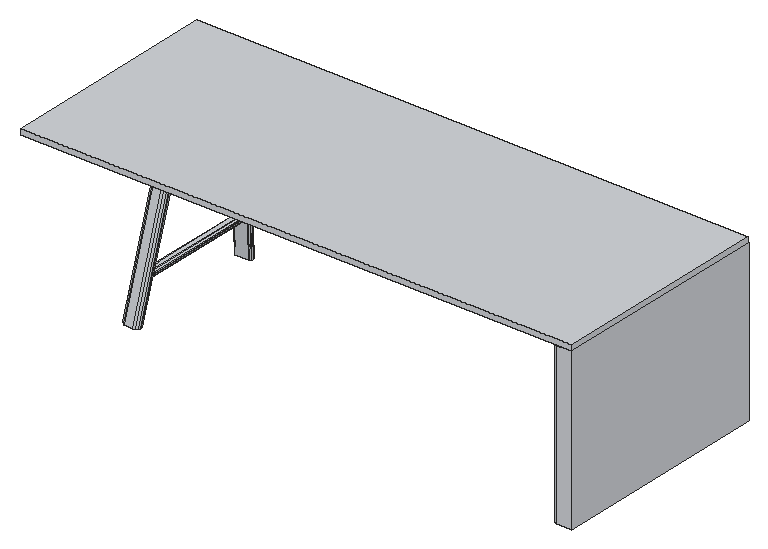
Revit family "Bernhardt_Design-Tables-Freestanding-Frame-Block_36h-Blueprint", category Furniture, Revit 2016
Family settings
  OmniClass Number = 23.40.20.00
  OmniClass Title = General Furniture and Specialties
  Work Plane-Based = No
  Always vertical = Yes
  Cut with Voids When Loaded = No
  Shared = No
  Room Calculation Point = No
Parameters (values of type "BPS-BOC-AC")
  Wood = none
  URL = "http://www.bernhardtdesign.com"
  TotalWidth = 120"
  TotalDepth = 48"
  TableWidth_right = TotalWidth / 2 - 8 3/4"  # 51 1/4"
  TableWidth_left = TotalWidth / 2 + 8 3/4"  # 68 3/4"
  TableTopHeight = TotalHeight - 1 1/4"  # 34 3/4"
  TotalHeight = 36"
  TableTop = none
  TableDepth = TotalDepth / 2  # 24"
  SKU = "BPS-BOC-AC"
  RailCapFront = RailCap + 2"  # 2"
  RailCap = 0"
  Model = "Blueprint"  # constant formula
  Manufacturer = "Bernhardt Design"  # constant formula
  Railing_bottom = -Railing_top  # -45 1/4"
  Railing_top = CapDistance_left - 2"  # 45 1/4"
  LegDistance = 20"
  LegHeight = TableTopHeight  # 34 3/4"
  Copyright © = "Copyright © Bernhardt Design"  # constant formula
  Catalog = SKU  # "BPS-BOC-AC"
  CapDistance_right = TableWidth_right - 4"  # 47 1/4"
  CapDistance_left = 47 1/4"
  Blueprint Gray = Blueprint Gray
  BlackPaint = Black Paint
  Authoring Version = "Autodesk Revit 2016"  # constant formula
Types (10): name | TotalWidth | TotalDepth | TableWidth_right | TableWidth_left | TableDepth | SKU | Railing_bottom | Railing_top | Catalog | CapDistance_right | CapDistance_left
  (no name) | 120" | 48" | 51 1/4" | 68 3/4" | 24" | "BPS-BOC-AC" | -45 1/4" | 45 1/4" | "BPS-BOC-AC" | 47 1/4" | 47 1/4"
  BPS-BGC-AC | 72" | 48" | 27 1/4" | 44 3/4" | 24" | "BPS-BGC-AC" | -31 1/4" | 31 1/4" | "BPS-BGC-AC" | 23 1/4" | 33 1/4"
  BPS-BGA-AC | 72" | 36" | 27 1/4" | 44 3/4" | 18" | "BPS-BGA-AC" | -31 1/4" | 31 1/4" | "BPS-BGA-AC" | 23 1/4" | 33 1/4"
  BPS-BKC-AC | 96" | 48" | 39 1/4" | 56 3/4" | 24" | "BPS-BKC-AC" | -33 1/4" | 33 1/4" | "BPS-BKC-AC" | 35 1/4" | 35 1/4"
  BPS-BOC-AC | 120" | 48" | 51 1/4" | 68 3/4" | 24" | "BPS-BOC-AC" | -45 1/4" | 45 1/4" | "BPS-BOC-AC" | 47 1/4" | 47 1/4"
  BPS-BKA-AC | 96" | 36" | 39 1/4" | 56 3/4" | 18" | "BPS-BKA-AC" | -33 1/4" | 33 1/4" | "BPS-BKA-AC" | 35 1/4" | 35 1/4"
  BPS-BGB-AC | 72" | 42" | 27 1/4" | 44 3/4" | 21" | "BPS-BGB-AC" | -31 1/4" | 31 1/4" | "BPS-BGB-AC" | 23 1/4" | 33 1/4"
  BPS-BKB-AC | 96" | 42" | 39 1/4" | 56 3/4" | 21" | "BPS-BKB-AC" | -33 1/4" | 33 1/4" | "BPS-BKB-AC" | 35 1/4" | 35 1/4"
  BPS-BOA-AC | 120" | 36" | 51 1/4" | 68 3/4" | 18" | "BPS-BOA-AC" | -45 1/4" | 45 1/4" | "BPS-BOA-AC" | 47 1/4" | 47 1/4"
  BPS-BOB-AC | 120" | 42" | 51 1/4" | 68 3/4" | 21" | "BPS-BOB-AC" | -45 1/4" | 45 1/4" | "BPS-BOB-AC" | 47 1/4" | 47 1/4"
Reference planes (in)
  plane 1 "Center Front/Back": y = 0
  plane 2: z = 0
  plane 3 "Center Left/Right": x = 0
  plane 4 "railTop_plane": z = 33.8248
  plane 5 "TableTop_plane": z = 36
  plane 6 "tableBottom_plane": z = 34.75
  plane 7 "railBottom_plane": z = 31.79724
  plane 8 "Crossbar_top_plane": y = 12.06057
  plane 9 "Crossbar_bottom_plane": y = -12.16143
  plane 10 "width_left_plane": x = -68.75
  plane 11 "width_right_plane": x = 51.25
  plane 12 "depth_top_plane": y = 24
  plane 13 "depth_bottom_plane": y = -24
  plane 14 "RailEnd_right_plane": x = 47.25
  plane 15 "RailEnd_left_plane": x = -47.25
  plane 16 "EndCap_left_plane": x = -48.99269
Forms (in)
  Extrusion 1, solid, material <- "TableTop"
    sketch origin (0, 0, 0) x (1, 0, 0) y (0, 1, 0)
      loop
        line (-68.75, 24) -> (-68.75, -24) -> (51.25, -24) -> (51.25, 24) -> (-68.75, 24)
    from 36 <- "TotalHeight" to 34.75 <- "TableTopHeight"
  Extrusion 2, solid, material "Blueprint Gray" <- "Blueprint Gray"
    sketch origin (0, -6.68362, 17.41142) x (0, -1, 0) y (0, 0, 1)
      loop
        arc (-0.89738, 16.41338) -> (-0.95224, 16.39066) -> (-0.97496, 16.3358) r 0.07758
        line (-0.97496, 16.3358) -> (-0.97496, 14.46243)
        arc (-0.97496, 14.46243) -> (-0.95253, 14.40826) -> (-0.89836, 14.38583) r 0.0766
        line (-0.89836, 14.38583) -> (0.74076, 14.38583)
        arc (0.74076, 14.38583) -> (0.79557, 14.40853) -> (0.81827, 14.46334) r 0.07751
        line (0.81827, 14.46334) -> (0.81827, 16.334)
        arc (0.81827, 16.334) -> (0.79502, 16.39013) -> (0.73889, 16.41338) r 0.07938
        line (0.73889, 16.41338) -> (-0.89738, 16.41338)
      loop
        arc (-14.10793, 16.41338) -> (-14.16279, 16.39066) -> (-14.18551, 16.3358) r 0.07758
        line (-14.18551, 16.3358) -> (-14.18551, 14.46243)
        arc (-14.18551, 14.46243) -> (-14.16307, 14.40826) -> (-14.10891, 14.38583) r 0.0766
        line (-14.10891, 14.38583) -> (-12.46979, 14.38583)
        arc (-12.46979, 14.38583) -> (-12.41498, 14.40853) -> (-12.39228, 14.46334) r 0.07751
        line (-12.39228, 14.46334) -> (-12.39228, 16.334)
        arc (-12.39228, 16.334) -> (-12.41553, 16.39013) -> (-12.47166, 16.41338) r 0.07938
        line (-12.47166, 16.41338) -> (-14.10793, 16.41338)
    from -47.25 to 47.25
  Extrusion 3, solid, material "Blueprint Gray" <- "Blueprint Gray"
    sketch origin (47.25, 0, 0) x (0, 0, -1) y (0, -1, 0)
      loop
        line (-34.75, -7.53436) -> (-31.7432, -7.53436) -> (-31.7432, -5.65936) -> (-34.75, -5.65936) -> (-34.75, -7.53436)
      loop
        line (-34.75, 5.66998) -> (-31.7432, 5.66998) -> (-31.7432, 7.53436) -> (-34.75, 7.53436) -> (-34.75, 5.66998)
    from 0 <- "RailCap" to 2 <- "RailCapFront"
  Extrusion 4, solid, material "Blueprint Gray" <- "Blueprint Gray"
    sketch origin (-47.25, 0, 0) x (0, 0, 1) y (0, -1, 0)
      loop
        line (34.75, -7.53436) -> (34.75, -5.65936) -> (31.7432, -5.65936) -> (31.7432, -7.53436) -> (34.75, -7.53436)
      loop
        line (34.75, 5.66998) -> (34.75, 7.53436) -> (31.7432, 7.53436) -> (31.7432, 5.66998) -> (34.75, 5.66998)
    from 0 <- "RailCap" to 2 <- "RailCapFront"
  Extrusion 5, solid, material <- "Wood"
    sketch origin (0, 0, 0) x (1, 0, 0) y (0, 0, 1)
      loop
        line (-47.25, 34.75) -> (-48.49488, 34.75) -> (-48.97006, 30.22889) -> (-47.25, 30.22889) -> (-47.25, 34.75)
    from -9.99793 to 10.02657
  Extrusion 6, solid, material <- "Wood"
    sketch origin (-34.43981, -12.16143, 0) x (1, 0, 0) y (0, 0, 1)
      loop
        line (-15.05423, 10) -> (-16.03583, 10)
        arc (-16.03583, 10) -> (-16.13195, 9.97957) -> (-16.21145, 9.92181) r 0.23632
        line (-16.21145, 9.92181) -> (-16.48556, 9.60649)
        arc (-16.48556, 9.60649) -> (-16.521, 9.54977) -> (-16.53718, 9.48488) r 0.21376
        line (-16.53718, 9.48488) -> (-16.53718, 9.40601)
        arc (-16.53718, 9.40601) -> (-16.53498, 9.36995) -> (-16.52839, 9.33443) r 0.29589
        line (-16.52839, 9.33443) -> (-16.22713, 8.76783)
        arc (-16.22713, 8.76783) -> (-16.12603, 8.6613) -> (-15.9845, 8.62205) r 0.27478
        line (-15.9845, 8.62205) -> (-15.10556, 8.62205)
        arc (-15.10556, 8.62205) -> (-14.96403, 8.6613) -> (-14.86294, 8.76783) r 0.27478
        line (-14.86294, 8.76783) -> (-14.56167, 9.33443)
        arc (-14.56167, 9.33443) -> (-14.55508, 9.36995) -> (-14.55288, 9.40601) r 0.29589
        line (-14.55288, 9.40601) -> (-14.55288, 9.48488)
        arc (-14.55288, 9.48488) -> (-14.56906, 9.54977) -> (-14.6045, 9.60649) r 0.21376
        line (-14.6045, 9.60649) -> (-14.87861, 9.92181)
        arc (-14.87861, 9.92181) -> (-14.95811, 9.97957) -> (-15.05423, 10) r 0.23632
    from 1.44676 to -25.91143
  Blend 7, solid, material <- "Wood"
    base sketch origin (13.28914, 0, 0) x (1, 0, 0) y (0, 1, 0)
      loop
        line (-63.84391, 16.22774) -> (-65.56381, 16.22774)
        arc (-65.56381, 16.22774) -> (-65.76359, 16.18345) -> (-65.92593, 16.05888) r 0.47272
        line (-65.92593, 16.05888) -> (-66.49066, 15.61766)
        arc (-66.49066, 15.61766) -> (-66.57421, 15.52156) -> (-66.61566, 15.40115) r 0.33368
        line (-66.61566, 15.40115) -> (-66.61566, 15.0427)
        arc (-66.61566, 15.0427) -> (-66.59906, 14.94854) -> (-66.55126, 14.86574) r 0.2753
        line (-66.55126, 14.86574) -> (-66.41658, 14.73106)
        arc (-66.41658, 14.73106) -> (-66.3363, 14.67992) -> (-66.24193, 14.6675) r 0.21989
        line (-66.24193, 14.6675) -> (-63.16579, 14.6675)
        arc (-63.16579, 14.6675) -> (-63.07142, 14.67992) -> (-62.99115, 14.73106) r 0.21989
        line (-62.99115, 14.73106) -> (-62.85647, 14.86574)
        arc (-62.85647, 14.86574) -> (-62.80866, 14.94854) -> (-62.79206, 15.0427) r 0.2753
        line (-62.79206, 15.0427) -> (-62.79206, 15.40115)
        arc (-62.79206, 15.40115) -> (-62.83352, 15.52156) -> (-62.91706, 15.61766) r 0.33368
        line (-62.91706, 15.61766) -> (-63.48179, 16.05888)
        arc (-63.48179, 16.05888) -> (-63.64413, 16.18345) -> (-63.84391, 16.22774) r 0.47272
    top sketch origin (13.28914, 0, 0) x (1, 0, 0) y (0, 1, 0)
      loop
        line (-60.31413, 10.23118) -> (-62.03402, 10.23118)
        arc (-62.03402, 10.23118) -> (-62.2338, 10.18689) -> (-62.39615, 10.06232) r 0.47272
        line (-62.39615, 10.06232) -> (-62.96088, 9.6211)
        arc (-62.96088, 9.6211) -> (-63.04442, 9.525) -> (-63.08588, 9.4046) r 0.33368
        line (-63.08588, 9.4046) -> (-63.08588, 9.04614)
        arc (-63.08588, 9.04614) -> (-63.06927, 8.95198) -> (-63.02147, 8.86918) r 0.2753
        line (-63.02147, 8.86918) -> (-62.88679, 8.73451)
        arc (-62.88679, 8.73451) -> (-62.80651, 8.68336) -> (-62.71214, 8.67094) r 0.21989
        line (-62.71214, 8.67094) -> (-59.636, 8.67094)
        arc (-59.636, 8.67094) -> (-59.54163, 8.68336) -> (-59.46136, 8.73451) r 0.21989
        line (-59.46136, 8.73451) -> (-59.32668, 8.86918)
        arc (-59.32668, 8.86918) -> (-59.27887, 8.95198) -> (-59.26227, 9.04614) r 0.2753
        line (-59.26227, 9.04614) -> (-59.26227, 9.4046)
        arc (-59.26227, 9.4046) -> (-59.30373, 9.525) -> (-59.38727, 9.6211) r 0.33368
        line (-59.38727, 9.6211) -> (-59.952, 10.06232)
        arc (-59.952, 10.06232) -> (-60.11435, 10.18689) -> (-60.31413, 10.23118) r 0.47272
    from 0 to 34.75 <- "LegHeight"
  Blend 8, solid, material <- "Wood"
    base sketch origin (13.28914, 0, 0) x (1, 0, 0) y (0, 1, 0)
      loop
        arc (-63.84391, -16.22774) -> (-63.64413, -16.18345) -> (-63.48179, -16.05888) r 0.47272
        line (-63.48179, -16.05888) -> (-62.91706, -15.61766)
        arc (-62.91706, -15.61766) -> (-62.83352, -15.52156) -> (-62.79206, -15.40115) r 0.33368
        line (-62.79206, -15.40115) -> (-62.79206, -15.0427)
        arc (-62.79206, -15.0427) -> (-62.80866, -14.94854) -> (-62.85647, -14.86574) r 0.2753
        line (-62.85647, -14.86574) -> (-62.99115, -14.73106)
        arc (-62.99115, -14.73106) -> (-63.07142, -14.67992) -> (-63.16579, -14.6675) r 0.21989
        line (-63.16579, -14.6675) -> (-66.24193, -14.6675)
        arc (-66.24193, -14.6675) -> (-66.3363, -14.67992) -> (-66.41658, -14.73106) r 0.21989
        line (-66.41658, -14.73106) -> (-66.55126, -14.86574)
        arc (-66.55126, -14.86574) -> (-66.59906, -14.94854) -> (-66.61566, -15.0427) r 0.2753
        line (-66.61566, -15.0427) -> (-66.61566, -15.40115)
        arc (-66.61566, -15.40115) -> (-66.57421, -15.52156) -> (-66.49066, -15.61766) r 0.33368
        line (-66.49066, -15.61766) -> (-65.92593, -16.05888)
        arc (-65.92593, -16.05888) -> (-65.76359, -16.18345) -> (-65.56381, -16.22774) r 0.47272
        line (-65.56381, -16.22774) -> (-63.84391, -16.22774)
    top sketch origin (13.28914, 0, 0) x (1, 0, 0) y (0, 1, 0)
      loop
        arc (-60.31413, -10.23118) -> (-60.11435, -10.18689) -> (-59.952, -10.06232) r 0.47272
        line (-59.952, -10.06232) -> (-59.38727, -9.6211)
        arc (-59.38727, -9.6211) -> (-59.30373, -9.525) -> (-59.26227, -9.4046) r 0.33368
        line (-59.26227, -9.4046) -> (-59.26227, -9.04614)
        arc (-59.26227, -9.04614) -> (-59.27887, -8.95198) -> (-59.32668, -8.86918) r 0.2753
        line (-59.32668, -8.86918) -> (-59.46136, -8.73451)
        arc (-59.46136, -8.73451) -> (-59.54163, -8.68336) -> (-59.636, -8.67094) r 0.21989
        line (-59.636, -8.67094) -> (-62.71214, -8.67094)
        arc (-62.71214, -8.67094) -> (-62.80651, -8.68336) -> (-62.88679, -8.73451) r 0.21989
        line (-62.88679, -8.73451) -> (-63.02147, -8.86918)
        arc (-63.02147, -8.86918) -> (-63.06927, -8.95198) -> (-63.08588, -9.04614) r 0.2753
        line (-63.08588, -9.04614) -> (-63.08588, -9.4046)
        arc (-63.08588, -9.4046) -> (-63.04442, -9.525) -> (-62.96088, -9.6211) r 0.33368
        line (-62.96088, -9.6211) -> (-62.39615, -10.06232)
        arc (-62.39615, -10.06232) -> (-62.2338, -10.18689) -> (-62.03402, -10.23118) r 0.47272
        line (-62.03402, -10.23118) -> (-60.31413, -10.23118)
    from 0 to 34.75 <- "LegHeight"
  Extrusion 9, solid, material <- "Wood"
    sketch origin (0, 0, 0) x (1, 0, 0) y (0, 1, 0)
      loop
        line (51.25, 24) -> (48.07201, 24)
        arc (48.07201, 24) -> (47.56822, 23.83955) -> (47.25, 23.4173) r 0.87116
        line (47.25, 23.4173) -> (47.25, -23.42617)
        arc (47.25, -23.42617) -> (47.57077, -23.84235) -> (48.07201, -24) r 0.87568
        line (48.07201, -24) -> (51.25, -24) -> (51.25, 24)
    from 0 to 34.75 <- "LegHeight"
Dimensions and locks (in)
  "TotalHeight": plane 5 "TableTop_plane" to level
  "TableDepth": plane 1 "Center Front/Back" to plane 12 "depth_top_plane"
  "TableDepth": plane 13 "depth_bottom_plane" to plane 1 "Center Front/Back"
  "TableWidth_left": plane 10 "width_left_plane" to plane 3 "Center Left/Right"
  "TableWidth_right": plane 3 "Center Left/Right" to plane 11 "width_right_plane"
  locked: plane 16 "EndCap_left_plane" to plane 15 "RailEnd_left_plane" at 1.74269
  plane 16 "EndCap_left_plane" to Extrusion 5 = 1.74269"
  "CapDistance_left": plane 15 "RailEnd_left_plane" to plane 3 "Center Left/Right"
  "CapDistance_right": plane 3 "Center Left/Right" to plane 14 "RailEnd_right_plane"
  locked: plane 5 "TableTop_plane" to plane 7 "railBottom_plane" at 4.20276
  locked: plane 4 "railTop_plane" to plane 7 "railBottom_plane" at 2.02756
  locked: plane 6 "tableBottom_plane" to plane 4 "railTop_plane" at 0.9252
  locked: Blend 7 to Blend 7 at 3.8236
  locked: Blend 8 to Blend 8 at 3.8236
  aligned and locked: level to plane 2
  aligned and locked: Extrusion 1 to plane 12 "depth_top_plane"
  aligned and locked: plane 11 "width_right_plane" to Extrusion 1
  aligned and locked: Extrusion 1 to plane 10 "width_left_plane"
  aligned and locked: Extrusion 1 to plane 13 "depth_bottom_plane"
  aligned and locked: plane 15 "RailEnd_left_plane" to Extrusion 5
  aligned and locked: Extrusion 2 to plane 15 "RailEnd_left_plane"
  aligned and locked: Extrusion 2 to plane 14 "RailEnd_right_plane"
Automatic sketch dimensions
  plane 7 "railBottom_plane" to Extrusion 2 sketch curve = 0"  (x2)
  plane 4 "railTop_plane" to Extrusion 2 sketch curve = 0"  (x2)
  Extrusion 2 sketch curve to plane 7 "railBottom_plane" = 0.0766"
  Extrusion 2 sketch curve to plane 8 "Crossbar_top_plane" = 4.55867"
  Extrusion 2 sketch curve to Extrusion 2 sketch curve = 0.07758"
  Extrusion 2 sketch curve to Extrusion 2 sketch curve = 1.63627"  (x2)
  Extrusion 2 sketch curve to plane 7 "railBottom_plane" = 0.07751"  (x2)
  Extrusion 2 sketch curve to Extrusion 2 sketch curve = 1.63912"  (x2)
  plane 4 "railTop_plane" to Extrusion 2 sketch curve = 0.07758"
  plane 1 "Center Front/Back" to Extrusion 2 sketch curve = 5.70865"
  Extrusion 2 sketch curve to Extrusion 2 sketch curve = 0.0766"
  Extrusion 3 sketch curve to plane 6 "tableBottom_plane" = 0"  (x2)
  plane 7 "railBottom_plane" to Extrusion 3 sketch curve = 0.05404"  (x2)
  Extrusion 3 sketch curve to plane 8 "Crossbar_top_plane" = 4.52621"
  Extrusion 3 sketch curve to Extrusion 3 sketch curve = 1 7/8"
  plane 1 "Center Front/Back" to Extrusion 3 sketch curve = 5.66998"
  Extrusion 3 sketch curve to Extrusion 3 sketch curve = 1.86438"
  Extrusion 4 sketch curve to plane 6 "tableBottom_plane" = 0"  (x2)
  plane 7 "railBottom_plane" to Extrusion 4 sketch curve = 0.05404"  (x2)
  Extrusion 4 sketch curve to plane 8 "Crossbar_top_plane" = 4.52621"
  Extrusion 4 sketch curve to Extrusion 4 sketch curve = 1 7/8"
  plane 1 "Center Front/Back" to Extrusion 4 sketch curve = 5.66998"
  Extrusion 4 sketch curve to Extrusion 4 sketch curve = 1.86438"
  Extrusion 5 sketch curve to plane 6 "tableBottom_plane" = 0"
  Extrusion 5 sketch curve to plane 15 "RailEnd_left_plane" = 0"
  plane 16 "EndCap_left_plane" to Extrusion 5 sketch curve = 0.49781"
  plane 16 "EndCap_left_plane" to Extrusion 5 sketch curve = 0.02263"
  plane 7 "railBottom_plane" to Extrusion 5 sketch curve = 1.56835"
  Extrusion 6 sketch curve to plane 16 "EndCap_left_plane" = 0"
  Extrusion 6 sketch curve to plane 16 "EndCap_left_plane" = 0.00879"
  Extrusion 6 sketch curve to plane 16 "EndCap_left_plane" = 0.05162"
  Extrusion 6 sketch curve to plane 16 "EndCap_left_plane" = 0.21295"
  Extrusion 6 sketch curve to Extrusion 6 sketch curve = 0.08294"  (x2)
  Extrusion 6 sketch curve to plane 16 "EndCap_left_plane" = 0.31006"
  Extrusion 6 sketch curve to plane 16 "EndCap_left_plane" = 0.32573"
  Extrusion 6 sketch curve to Extrusion 6 sketch curve = 0.17562"  (x2)
  Extrusion 6 sketch curve to Extrusion 6 sketch curve = 0.24262"  (x2)
  Extrusion 6 sketch curve to Extrusion 6 sketch curve = 0.87895"
  Extrusion 6 sketch curve to Extrusion 6 sketch curve = 0.05133"
  Extrusion 6 sketch curve to Extrusion 6 sketch curve = 0.20546"
  Extrusion 6 sketch curve to Extrusion 6 sketch curve = 0.16133"
  Extrusion 6 sketch curve to Extrusion 6 sketch curve = 0.20416"
  Extrusion 6 sketch curve to Extrusion 6 sketch curve = 0.00879"
  level to Extrusion 6 sketch curve = 8.62205"
  Extrusion 6 sketch curve to Extrusion 6 sketch curve = 0.14578"  (x2)
  Extrusion 6 sketch curve to Extrusion 6 sketch curve = 0.5666"  (x2)
  Extrusion 6 sketch curve to Extrusion 6 sketch curve = 0.06023"  (x2)
  Extrusion 6 sketch curve to Extrusion 6 sketch curve = 0.07886"  (x2)
  Extrusion 6 sketch curve to Extrusion 6 sketch curve = 0.35767"  (x2)
  Extrusion 6 sketch curve to Extrusion 6 sketch curve = 0.15813"
  Blend 7 sketch curve to plane 16 "EndCap_left_plane" = 4.33383"
  plane 8 "Crossbar_top_plane" to Blend 7 sketch curve = 2.80517"
  Blend 7 sketch curve to Blend 7 sketch curve = 0.06441"  (x2)
  plane 8 "Crossbar_top_plane" to Blend 7 sketch curve = 3.55709"
  Blend 7 sketch curve to Blend 7 sketch curve = 1/8"  (x4)
  Blend 7 sketch curve to Blend 7 sketch curve = 0.13468"  (x8)
  Blend 7 sketch curve to Blend 7 sketch curve = 0.2753"  (x2)
  Blend 7 sketch curve to Blend 7 sketch curve = 0.05514"  (x2)
  Blend 7 sketch curve to Blend 7 sketch curve = 0.07927"  (x4)
  Blend 7 sketch curve to Blend 7 sketch curve = 0.17465"  (x4)
  Blend 7 sketch curve to Blend 7 sketch curve = 0.56473"
  Blend 7 sketch curve to Blend 7 sketch curve = 0.36212"  (x3)
  Blend 7 sketch curve to plane 16 "EndCap_left_plane" = 1.56208"
  Blend 7 sketch curve to plane 16 "EndCap_left_plane" = 0.88396"
  Blend 7 sketch curve to Blend 7 sketch curve = 0.01916"  (x2)
  Blend 7 sketch curve to Blend 7 sketch curve = 0.02413"  (x2)
  Blend 7 sketch curve to Blend 7 sketch curve = 0.20544"  (x2)
  plane 8 "Crossbar_top_plane" to Blend 7 sketch curve = 2.6705"
  Blend 7 sketch curve to Blend 7 sketch curve = 0.06357"  (x3)
  Blend 7 sketch curve to Blend 7 sketch curve = 0.31202"  (x4)
  Blend 7 sketch curve to Blend 7 sketch curve = 0.04644"  (x3)
  Blend 7 sketch curve to Blend 7 sketch curve = 0.4003"  (x4)
  Blend 7 sketch curve to Blend 7 sketch curve = 0.30386"  (x2)
  Blend 7 sketch curve to plane 16 "EndCap_left_plane" = 0.80404"
  Blend 7 sketch curve to plane 16 "EndCap_left_plane" = 0.11431"
  plane 16 "EndCap_left_plane" to Blend 7 sketch curve = 0.24781"
  plane 15 "RailEnd_left_plane" to Blend 7 sketch curve = 0.22502"
  plane 15 "RailEnd_left_plane" to Blend 7 sketch curve = 0.90314"
  Blend 7 sketch curve to plane 8 "Crossbar_top_plane" = 3.38963"
  Blend 8 sketch curve to plane 16 "EndCap_left_plane" = 4.33383"
  plane 9 "Crossbar_bottom_plane" to Blend 8 sketch curve = 2.70432"
  Blend 8 sketch curve to Blend 8 sketch curve = 0.06441"  (x2)
  plane 9 "Crossbar_bottom_plane" to Blend 8 sketch curve = 3.45623"
  Blend 8 sketch curve to Blend 8 sketch curve = 1/8"  (x4)
  Blend 8 sketch curve to Blend 8 sketch curve = 0.13468"  (x7)
  Blend 8 sketch curve to Blend 8 sketch curve = 0.21089"
  Blend 8 sketch curve to Blend 8 sketch curve = 0.05514"  (x2)
  Blend 8 sketch curve to Blend 8 sketch curve = 0.07927"  (x4)
  Blend 8 sketch curve to Blend 8 sketch curve = 0.17465"  (x4)
  Blend 8 sketch curve to Blend 8 sketch curve = 0.56473"
  Blend 8 sketch curve to Blend 8 sketch curve = 0.36212"  (x3)
  Blend 8 sketch curve to plane 16 "EndCap_left_plane" = 1.56208"
  Blend 8 sketch curve to plane 16 "EndCap_left_plane" = 0.88396"
  Blend 8 sketch curve to Blend 8 sketch curve = 0.01916"  (x2)
  Blend 8 sketch curve to Blend 8 sketch curve = 0.02413"  (x2)
  Blend 8 sketch curve to Blend 8 sketch curve = 0.20544"  (x2)
  Blend 8 sketch curve to Blend 8 sketch curve = 0.13736"
  Blend 8 sketch curve to Blend 8 sketch curve = 0"
  Blend 8 sketch curve to Blend 8 sketch curve = 0.30386"  (x2)
  Blend 8 sketch curve to Blend 8 sketch curve = 0.44122"
  Blend 8 sketch curve to Blend 8 sketch curve = 0.21651"  (x2)
  Blend 8 sketch curve to Blend 8 sketch curve = 0.35846"
  Blend 8 sketch curve to Blend 8 sketch curve = 0.15615"  (x2)
  plane 16 "EndCap_left_plane" to Blend 8 sketch curve = 0.80404"
  Blend 8 sketch curve to Blend 8 sketch curve = 0.2753"
  plane 16 "EndCap_left_plane" to Blend 8 sketch curve = 0.11431"
  Blend 8 sketch curve to plane 16 "EndCap_left_plane" = 0.24781"
  Blend 8 sketch curve to plane 15 "RailEnd_left_plane" = 0.22502"
  Blend 8 sketch curve to plane 15 "RailEnd_left_plane" = 0.90314"
  plane 9 "Crossbar_bottom_plane" to Blend 8 sketch curve = 3.49049"
  Blend 8 sketch curve to Blend 8 sketch curve = 0.06357"  (x2)
  Blend 8 sketch curve to Blend 8 sketch curve = 0.31202"  (x2)
  Blend 8 sketch curve to Blend 8 sketch curve = 0.04644"  (x2)
  Blend 8 sketch curve to Blend 8 sketch curve = 0.4003"  (x2)
  Extrusion 1 sketch curve to plane 10 "width_left_plane" = 0"
  Extrusion 1 sketch curve to plane 11 "width_right_plane" = 0"
  plane 13 "depth_bottom_plane" to Extrusion 1 sketch curve = 0"
  plane 12 "depth_top_plane" to Extrusion 1 sketch curve = 0"
  Extrusion 9 sketch curve to plane 14 "RailEnd_right_plane" = 0"
  plane 13 "depth_bottom_plane" to Extrusion 9 sketch curve = 0"
  Extrusion 9 sketch curve to plane 11 "width_right_plane" = 0"
  plane 12 "depth_top_plane" to Extrusion 9 sketch curve = 0"
  Extrusion 9 sketch curve to plane 14 "RailEnd_right_plane" = 0.82201"  (x2)
  Extrusion 9 sketch curve to plane 13 "depth_bottom_plane" = 0.57383"
  Extrusion 9 sketch curve to Extrusion 9 sketch curve = 0.87116"
